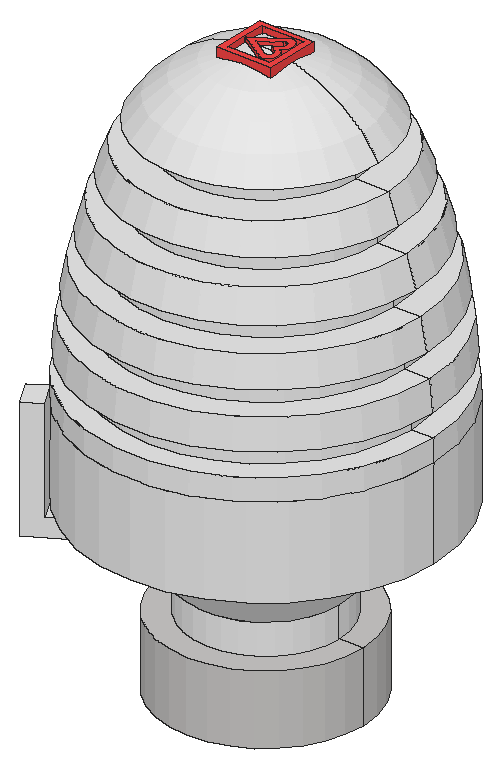
Revit family "Термостатическая головка HERZ-Design, с присоединительной резьбой М 28х1.5, 9230", category Rohrzubehör, Revit 2021
Family settings
  Bemaßung runder Anschluss = Durchmesser verwenden
  Teiletyp = Normal
  OmniClass-Nummer = 23.65.55.14
  OmniClass-Titel = Valves for Liquid Services
  Arbeitsebenenbasiert = Nein
  Immer vertikal = Nein
  Beim Laden mit Abzugskörper schneiden = Nein
  Gemeinsam genutzt = Nein
Parameters
  Принцип действия = "HERZ-термостатическая головка является датчиком прямого регулирования.\r\nИзменение объема жидкости в HERZ-гидросенсоре приводит в движение шток клапана."
  Область применения = "Для монтажа на всех HERZ-клапанах, предназначенных для термостатической работы."
  Номер заказа = 1923006  # constant formula
  Морозозащита = 6 °C  # constant formula
  Маховик = "Пластик, белый"  # constant formula
  Исполнение = "Термостатическая головка с жидкостным датчиком (гидросенсором) с позициями теплового запираниия \"0\" и морозозащиты, с ограничением и блокировкой диапазона регулирования. Цвет маховика - белый."
  Диапазон регулирования с морозозащитой = "6-30°C"  # constant formula
  Диапазон регулирования = "0-30°C"  # constant formula
  Vorgabe-Ansicht = 0.000 mm
  URL = "www.herz-armaturen.ru"
  S02 = 60.000 mm  # constant formula
  S01 = 90.000 mm  # constant formula
  Hersteller = "HERZ Armaturen Ges.m.b.H."  # constant formula
Reference planes
  plane 1 "Mitte (Vorne/hinten)": y = 0
  plane 2: z = 0
  plane 3 "Mitte (Links/rechts)": x = 0
Forms (mm)
  Revolve 1, solid, material "Kunststoff weiß", detail levels fine
    sketch origin (0, 0, 0) x (1, 0, 0) y (0, 0, 1)
      loop
        line (0, 0) -> (0, 90)
        arc (0, 90) -> (-10.767, 87.197) -> (-18.8, 79.5) r 22.08
        arc (-18.8, 79.5) -> (-25.672, 59.356) -> (-28, 38.2) r 97.301
        line (-28, 38.2) -> (-28, 23.2) -> (-23.25, 23.2) -> (-23.25, 20.5) -> (-20.4, 20.5) -> (-20.4, 19.7) -> (-12.2, 11.5) -> (-12.2, 4.8) -> (-13.2, 4.8) -> (-13.2, 0) -> (0, 0)
      axis (0, 90) -> (0, 0)
    angle from 0 to 360
  Extrusion 2, solid, material "Kunststoff weiß", detail levels fine
    sketch origin (0, 0, 0) x (0.866025, 0.5, 0) y (0, 0, 1)
      loop
        line (-28.5, 36.04) -> (-31.75, 36.04) -> (-31.75, 16.2) -> (-20.85, 16.2) -> (-20.85, 20.5) -> (-23.25, 20.5) -> (-23.25, 21.5) -> (-24.578, 19.2) -> (-28.5, 19.2) -> (-28.5, 36.04)
    from 2.5 to -2.5
  Extrusion 3, solid, material "Kunststoff weiß", detail levels fine
    sketch origin (0, 0, 0) x (0, 1, 0) y (0, 0, 1)
      loop
        arc (0.75, 19.2) -> (1.987, 19.713) -> (2.5, 20.95) r 1.75
        line (2.5, 20.95) -> (2.5, 32.2) -> (-2.5, 32.2) -> (-2.5, 20.95)
        arc (-2.5, 20.95) -> (-1.987, 19.713) -> (-0.75, 19.2) r 1.75
        line (-0.75, 19.2) -> (0.75, 19.2)
    from 0 to -31.5
  Revolve 4, solid, material "Messing verzinkt", detail levels fine
    sketch origin (0, 0, 0) x (1, 0, 0) y (0, 0, 1)
      loop
        line (0, 0) -> (0, 6.5) -> (-16.25, 6.5) -> (-16.25, -5) -> (-14, -5) -> (-14, 0) -> (0, 0)
      axis (0, 6.5) -> (0, -5)
    angle from 0 to 360
  Revolve 5, void
    sketch origin (0, 0, 0) x (1, 0, 0) y (0, 0, 1)
      loop
        arc (-18.8, 79.5) -> (-19.64, 77.659) -> (-20.442, 75.8) r 97.301
        line (-20.442, 75.8) -> (-14.951, 75.8) -> (-14.951, 79.5) -> (-18.8, 79.5)
      loop
        line (-27.933, 41.8) -> (-24.226, 41.8) -> (-24.226, 45.5) -> (-27.726, 45.5)
        arc (-27.726, 45.5) -> (-27.847, 43.651) -> (-27.933, 41.8) r 97.301
      loop
        arc (-22.197, 71.3) -> (-22.843, 69.456) -> (-23.452, 67.6) r 97.301
        line (-23.452, 67.6) -> (-18.697, 67.6) -> (-18.697, 71.3) -> (-22.197, 71.3)
      loop
        arc (-24.865, 62.7) -> (-25.326, 60.854) -> (-25.751, 59) r 97.301
        line (-25.751, 59) -> (-21.365, 59) -> (-21.365, 62.7) -> (-24.865, 62.7)
      loop
        arc (-26.692, 54.1) -> (-26.98, 52.253) -> (-27.232, 50.4) r 97.301
        line (-27.232, 50.4) -> (-23.192, 50.4) -> (-23.192, 54.1) -> (-26.692, 54.1)
      axis (0, 79.5) -> (0, 41.8)
    angle from 0 to 360
Cuts and joins
  Revolve 5 cuts Revolve 1
Lines and regions (mm)
  model lines, detail levels coarse+medium
    curve 1: line (0, 0, 0) -> (0, 0, 30)
    curve 2: line (0, 0, 0) -> (30, 0, 0)
    curve 3: circle (0, 0, 60) r 30 normal (0, -1, 0)
    curve 4: circle (0, 0, 60) r 30 normal (1, 0, 0)
    curve 5: line (0, 0, 40) -> (0, 0, 80)
    curve 6: line (0, 17.5, 80) -> (0, -17.5, 80)
    curve 7: line (0, 0, 40) -> (0, 0, 80)
    curve 8: line (-17.5, 0, 80) -> (17.5, 0, 80)
    curve 9: circle (60, 0, 0) r 30 normal (0, 0, 1)
    curve 10: line (40, 0, 0) -> (80, 0, 0)
    curve 11: line (80, 17.5, 0) -> (80, -17.5, 0)
Dimensions and locks
  nested 1 to plane 2 = 89.000 mm
  "S01": curve 4 to plane 2
  "S01": curve 3 to plane 2
  "S01": plane 3 "Mitte (Links/rechts)" to curve 9
  "S02": diameter of curve 3
  "S02": diameter of curve 4
  "S02": diameter of curve 9
  aligned and locked: level to plane 2
Automatic sketch dimensions
  Revolve 1 sketch curve to level = 0.000 mm
  Revolve 1 sketch curve to plane 3 "Mitte (Links/rechts)" = 0.000 mm  (x2)
  Revolve 1 sketch curve to plane 3 "Mitte (Links/rechts)" = 12.200 mm
  Revolve 1 sketch curve to Revolve 1 sketch curve = 1.000 mm
  Revolve 1 sketch curve to Revolve 1 sketch curve = 8.200 mm  (x2)
  Revolve 1 sketch curve to Revolve 1 sketch curve = 2.850 mm
  Revolve 1 sketch curve to Revolve 1 sketch curve = 4.750 mm
  plane 3 "Mitte (Links/rechts)" to Revolve 1 sketch curve = 69.301 mm
  level to Revolve 1 sketch curve = 4.800 mm
  Revolve 1 sketch curve to Revolve 1 sketch curve = 6.700 mm
  Revolve 1 sketch curve to Revolve 1 sketch curve = 0.800 mm
  Revolve 1 sketch curve to Revolve 1 sketch curve = 2.700 mm
  Revolve 1 sketch curve to Revolve 1 sketch curve = 15.000 mm
  Revolve 1 sketch curve to Revolve 1 sketch curve = 29.720 mm
  Revolve 1 sketch curve to Revolve 1 sketch curve = 22.080 mm
  Revolve 1 sketch curve to level = 366.045 mm
  Revolve 1 sketch curve to Revolve 1 sketch curve = 0.000 mm
  level to Extrusion 2 sketch curve = 36.040 mm
  Extrusion 2 sketch curve to Extrusion 2 sketch curve = 3.250 mm
  Extrusion 2 sketch curve to Extrusion 2 sketch curve = 3.922 mm
  level to Extrusion 2 sketch curve = 21.500 mm
  Extrusion 2 sketch curve to Extrusion 2 sketch curve = 1.328 mm
  Extrusion 2 sketch curve to Extrusion 2 sketch curve = 3.728 mm
  Extrusion 2 sketch curve to Extrusion 2 sketch curve = 1.000 mm
  Extrusion 2 sketch curve to Extrusion 2 sketch curve = 1.300 mm
  Extrusion 2 sketch curve to Extrusion 2 sketch curve = 3.000 mm
  plane 1 "Mitte (Vorne/hinten)" to Extrusion 3 sketch curve = 2.500 mm
  plane 1 "Mitte (Vorne/hinten)" to Extrusion 3 sketch curve = 0.750 mm
  Extrusion 3 sketch curve to plane 1 "Mitte (Vorne/hinten)" = 0.750 mm
  Extrusion 3 sketch curve to plane 1 "Mitte (Vorne/hinten)" = 2.500 mm
  level to Extrusion 3 sketch curve = 19.200 mm
  Extrusion 3 sketch curve to Extrusion 3 sketch curve = 11.250 mm
  Revolve 4 sketch curve to level = 0.000 mm
  Revolve 4 sketch curve to plane 3 "Mitte (Links/rechts)" = 0.000 mm  (x2)
  Revolve 4 sketch curve to level = 5.000 mm
  Revolve 4 sketch curve to plane 3 "Mitte (Links/rechts)" = 14.000 mm
  Revolve 4 sketch curve to Revolve 4 sketch curve = 2.250 mm
  level to Revolve 4 sketch curve = 6.500 mm
  Revolve 4 sketch curve to Revolve 4 sketch curve = 361.045 mm
  Revolve 4 sketch curve to Revolve 4 sketch curve = 2207.815 mm
  Revolve 5 sketch curve to Revolve 5 sketch curve = 0.000 mm  (x20)
  Revolve 5 sketch curve to plane 3 "Mitte (Links/rechts)" = 0.000 mm
  Revolve 5 sketch curve to plane 3 "Mitte (Links/rechts)" = 14.951 mm
  Revolve 5 sketch curve to Revolve 5 sketch curve = 3.746 mm
  Revolve 5 sketch curve to Revolve 5 sketch curve = 3.849 mm
  Revolve 5 sketch curve to Revolve 5 sketch curve = 1.642 mm
  Revolve 5 sketch curve to Revolve 5 sketch curve = 2.668 mm
  Revolve 5 sketch curve to Revolve 5 sketch curve = 3.500 mm  (x4)
  Revolve 5 sketch curve to Revolve 5 sketch curve = 1.827 mm
  Revolve 5 sketch curve to Revolve 5 sketch curve = 1.255 mm
  Revolve 5 sketch curve to Revolve 5 sketch curve = 1.034 mm
  Revolve 5 sketch curve to Revolve 5 sketch curve = 0.886 mm
  Revolve 5 sketch curve to Revolve 5 sketch curve = 0.540 mm
  Revolve 5 sketch curve to Revolve 5 sketch curve = 0.208 mm
  level to Revolve 5 sketch curve = 38.200 mm
  plane 3 "Mitte (Links/rechts)" to Revolve 5 sketch curve = 69.301 mm
  level to Revolve 5 sketch curve = 41.800 mm
  Revolve 5 sketch curve to Revolve 5 sketch curve = 4.900 mm  (x3)
  Revolve 5 sketch curve to Revolve 5 sketch curve = 4.500 mm
  Revolve 5 sketch curve to level = 366.045 mm
  Revolve 5 sketch curve to Revolve 5 sketch curve = 2134.815 mm
  curve 5 to plane 1 "Mitte (Vorne/hinten)" = 0.000 mm
  curve 4 to plane 1 "Mitte (Vorne/hinten)" = 0.000 mm
  plane 1 "Mitte (Vorne/hinten)" to curve 6 = 17.500 mm
  curve 5 to curve 6 = 17.500 mm
  curve 5 to curve 4 = 20.000 mm
  curve 4 to curve 6 = 20.000 mm
  curve 3 to plane 3 "Mitte (Links/rechts)" = 0.000 mm
  curve 7 to plane 3 "Mitte (Links/rechts)" = 0.000 mm
  curve 1 to plane 3 "Mitte (Links/rechts)" = 0.000 mm
  curve 1 to level = 0.000 mm
  curve 8 to curve 7 = 17.500 mm
  plane 3 "Mitte (Links/rechts)" to curve 8 = 17.500 mm
  curve 1 to curve 7 = 10.000 mm
  curve 3 to curve 8 = 20.000 mm
  plane 1 "Mitte (Vorne/hinten)" to curve 2 = 0.000 mm
  curve 2 to plane 3 "Mitte (Links/rechts)" = 0.000 mm
  plane 1 "Mitte (Vorne/hinten)" to curve 10 = 0.000 mm
  plane 1 "Mitte (Vorne/hinten)" to curve 9 = 0.000 mm
  curve 2 to curve 10 = 10.000 mm
  curve 9 to curve 11 = 20.000 mm
  curve 11 to curve 10 = 17.500 mm
  curve 11 to plane 1 "Mitte (Vorne/hinten)" = 17.500 mm
Nested families
  nested 1: "Herz-Logo" at (0, 0, 89) x (0, -1, 0) z (0, 0, 1), type "Herz-Logo", detail levels fine
Definition of nested family "Herz-Logo"
  Parameters (values of type "Herz-Logo")
    Default Elevation = 0.000 mm
  Reference planes
    plane 1 "Mitte (Vorne/hinten)": y = 0
    plane 2: z = 0
    plane 3 "Mitte (Links/rechts)": x = 0
  Forms (mm)
    Extrusion 1, solid
      sketch origin (0, 0, 0) x (1, 0, 0) y (0, 1, 0)
        loop
          line (-0.018, -4.517) -> (4.482, -4.517) -> (4.482, 4.483) -> (-4.518, 4.483) -> (-4.518, -4.517) -> (-0.018, -4.517)
        loop
          line (-0.05, -3.48) -> (3.482, -3.48) -> (3.482, 3.483) -> (-3.518, 3.483) -> (-3.518, -3.48) -> (-0.05, -3.48)
        loop
          arc (-0.018, 2.383) -> (-1.543, 3.287) -> (-3.067, 2.383) r 1.738
          arc (-3.067, 2.383) -> (-3.191, 1.899) -> (-3.067, 1.415) r 1.009
          line (-3.067, 1.415) -> (-0.018, -3.281) -> (3.032, 1.415)
          arc (3.032, 1.415) -> (3.156, 1.899) -> (3.032, 2.383) r 1.009
          arc (3.032, 2.383) -> (1.507, 3.287) -> (-0.018, 2.383) r 1.738
        loop
          arc (1.885, 1.272) -> (2.005, 1.675) -> (1.885, 2.079) r 0.74
          arc (1.885, 2.079) -> (1.265, 2.416) -> (0.644, 2.079) r 0.74
          line (0.644, 2.079) -> (-0.018, 0.97) -> (-0.679, 2.079)
          arc (-0.679, 2.079) -> (-1.3, 2.416) -> (-1.921, 2.079) r 0.74
          arc (-1.921, 2.079) -> (-2.04, 1.675) -> (-1.921, 1.272) r 0.74
          line (-1.921, 1.272) -> (-0.018, -1.658) -> (1.885, 1.272)
      from 0 to 1.5
  Dimensions and locks
    aligned and locked: level to plane 2
